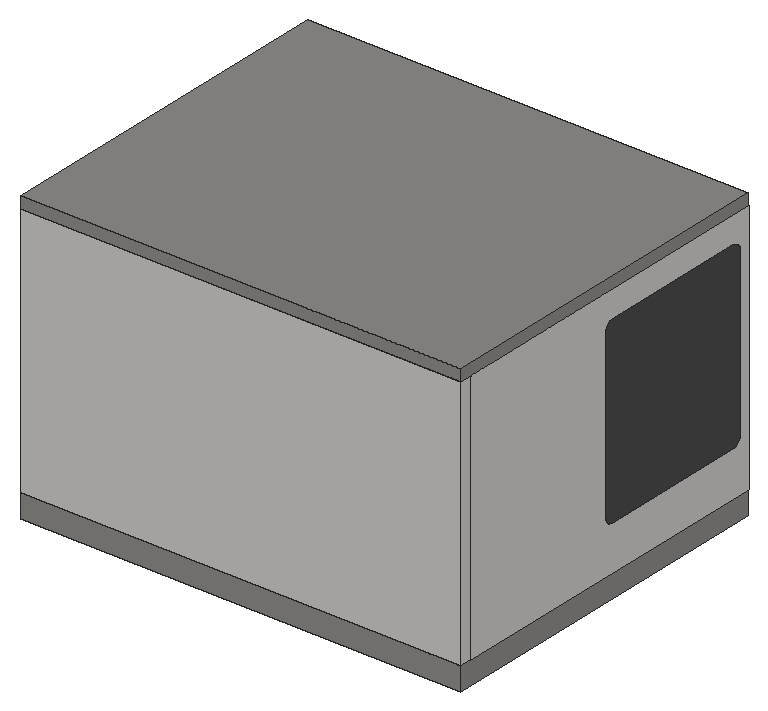
Revit family "QF_ZANUSSI_730295_IHD237M230SNP", category Attrezzature speciali, Revit 2018
Family settings
  Quota connettore circolare = Usa diametro
  Tipo di parte = Normale
  Basato su piano di lavoro = No
  Sempre verticale = Sì
  Taglio con vuoti quando caricato = No
  Condiviso = No
  Punto di calcolo locali = No
Parameters (values of type "Standard")
  Weight = 85.00 kg
  Watts = 1600 W
  Volts = 220 V
  URL Manufacturer = "http://www.zanussiprofessional.com"
  URL = "http://www.zanussiprofessional.com"
  Steam Supply Size = 0 mm
  Steam Supply Minimum Pressure = 0.0 Pa
  Steam Supply Maximum Pressure = 0.0 Pa
  Steam Pounds per Hour = 0
  Show Logo [instance] = yes
  Show Clearance [instance] = yes
  Refrigeration Suction Line Size = 0 mm
  Refrigeration Liquid Line Size = 0 mm
  Refrigerant Compressor Remote = yes
  Produttore = "Zanussi"
  Phase = 1
  Modello = "IHD237M230SNP"
  Length Actual = 762 mm  # constant formula
  Item Number = "730295"
  Hot Water Size = 0 mm
  Height Actual = 1676 mm  # constant formula
  HP = "2.1 HP"
  Gas Size = 0 mm
  Gas KW = 0
  Gas Input Pressure = 0 W
  Descrizione = "AIR COOLED HALF DICE ICE 237KG/24H-BIN 230KG MODULAR"
  Depth Actual = 819 mm  # constant formula
  Cycle = 50 Hz
  Condensate Return Size = 0 mm
  Compressed Air Volume = 0.0 L/s
  Compressed Air Size = 0 mm
  Compressed Air Pressure = 0.0 Pa
  Cold Water Size = 19.05 mm
  Accessory = yes
Reference planes
  plane 1 "Center X": y = 237.851
  plane 2: z = 0
  plane 3 "Center Y": x = -378
  plane 4 "LEFT": x = -759
  plane 5 "BACK": y = 547.851
  plane 6 "RIGHT": x = 3
  plane 7 "FRONT": y = -72.149
  plane 8 "TOP": z = 500
  plane 9: x = -739
  plane 10: x = -17
  plane 11: z = 40
  plane 12: z = 480
  plane 13: z = 400
  plane 14: y = -52.149
Forms (mm)
  Extrusion 1, solid, material "QF_Finishes_Stainless Steel"
    sketch origin (0, 0, 0) x (1, 0, 0) y (0, 1, 0)
      loop
        line (-759, 547.851) -> (-759, -52.149) -> (-739, -52.149) -> (-739, 547.851) -> (-759, 547.851)
      loop
        line (-17, 547.851) -> (-17, -52.149) -> (3, -52.149) -> (3, 547.851) -> (-17, 547.851)
    from 40 to 480
  Extrusion 2, solid, material "QF_Finishes_Stainless Steel_Darkgray"
    sketch origin (0, 0, 0) x (1, 0, 0) y (0, 1, 0)
      loop
        line (-759, 547.851) -> (-759, -72.149) -> (3, -72.149) -> (3, 547.851) -> (-759, 547.851)
    from 480 to 500
  Extrusion 3, solid, material "QF_Finishes_Stainless Steel_Darkgray"
    sketch origin (0, 0, 0) x (1, 0, 0) y (0, 1, 0)
      loop
        line (-759, 547.851) -> (-759, -72.149) -> (3, -72.149) -> (3, 547.851) -> (-759, 547.851)
    from 0 to 40
  Extrusion 4, solid, material "QF_Finishes_Black"
    sketch origin (-759, 55.351, 75) x (0, 1, 0) y (0, 0, -1)
      loop
        arc (457.5, -360) -> (468.107, -355.607) -> (472.5, -345) r 15
        line (472.5, -345) -> (472.5, -59.749)
        arc (472.5, -59.749) -> (468.107, -49.142) -> (457.5, -44.749) r 15
        line (457.5, -44.749) -> (197.55, -44.749)
        arc (197.55, -44.749) -> (186.944, -49.142) -> (182.55, -59.749) r 15
        line (182.55, -59.749) -> (182.55, -345)
        arc (182.55, -345) -> (186.944, -355.607) -> (197.55, -360) r 15
        line (197.55, -360) -> (457.5, -360)
    from 0 to 2
  Extrusion 5, solid, material "QF_Finishes_Stainless Steel"
    sketch origin (-1061.619, 547.851, 823.153) x (0, 0, -1) y (-1, 0, 0)
      loop
        circle (417.153, -337.619) r 10
    from 0 to 10
  Extrusion 6, solid, material "QF_Finishes_Stainless Steel"
    sketch origin (-375.619, 547.851, 492.153) x (0, 0, -1) y (-1, 0, 0)
      loop
        circle (417.153, -337.619) r 10
    from 0 to 10
  Extrusion 7, solid, material "QF_Finishes_Stainless Steel"
    sketch origin (-1061.619, 547.851, 467.153) x (0, 0, -1) y (-1, 0, 0)
      loop
        circle (417.153, -337.619) r 10
    from 0 to 10
  Extrusion 8, solid, material "QF_Finishes_Stainless Steel"
    sketch origin (0, 0, 0) x (1, 0, 0) y (0, 1, 0)
      loop
        line (-739, 547.851) -> (-739, -52.149) -> (-17, -52.149) -> (-17, 547.851) -> (-739, 547.851)
    from 40 to 480
  Extrusion 9, solid, material "QF_Finishes_Stainless Steel"
    sketch origin (0, 0, 0) x (1, 0, 0) y (0, 1, 0)
      loop
        line (-759, -52.149) -> (-759, -72.149) -> (3, -72.149) -> (3, -52.149) -> (-759, -52.149)
    from 40 to 480
  Extrusion 10, solid, material "QF_Finishes_Black"
    sketch origin (3, 55.351, 75) x (0, 1, 0) y (0, 0, 1)
      loop
        line (457.5, 360) -> (197.55, 360)
        arc (197.55, 360) -> (186.944, 355.607) -> (182.55, 345) r 15
        line (182.55, 345) -> (182.55, 59.749)
        arc (182.55, 59.749) -> (186.944, 49.142) -> (197.55, 44.749) r 15
        line (197.55, 44.749) -> (457.5, 44.749)
        arc (457.5, 44.749) -> (468.107, 49.142) -> (472.5, 59.749) r 15
        line (472.5, 59.749) -> (472.5, 345)
        arc (472.5, 345) -> (468.107, 355.607) -> (457.5, 360) r 15
    from 0 to 2
  Extrusion 11, solid, material "QF_Finishes_Stainless Steel"
    sketch origin (-1061.619, 547.851, 723.153) x (0, 0, -1) y (-1, 0, 0)
      loop
        circle (417.153, -337.619) r 10
    from 0 to 10
  Extrusion 12, solid, material "QF_Finishes_Stainless Steel"
    sketch origin (-1061.619, 547.851, 595.153) x (0, 0, -1) y (-1, 0, 0)
      loop
        circle (417.153, -337.619) r 10
    from 0 to 10
Lines and regions (mm)
  symbolic lines
    curve 1: line (-759, 547.851, 0) -> (3, 547.851, 0)
    curve 2: line (-759, -72.149, 0) -> (-759, 547.851, 0)
    curve 3: line (3, -72.149, 0) -> (-759, -72.149, 0)
    curve 4: line (3, 547.851, 0) -> (3, -72.149, 0)
Dimensions and locks
  equal spacing: plane 4 "LEFT", plane 3 "Center Y", plane 6 "RIGHT"
  plane 4 "LEFT" to plane 6 "RIGHT" = 762 mm
  plane 5 "BACK" to plane 7 "FRONT" = 620 mm
  equal spacing: plane 5 "BACK", plane 1 "Center X", plane 7 "FRONT"
  plane 8 "TOP" to plane 2 = 500 mm
  locked: plane 4 "LEFT" to plane 9 at 20
  locked: plane 10 to plane 6 "RIGHT" at 20
  plane 11 to plane 2 = 40 mm
  locked: plane 8 "TOP" to plane 12 at 20
  locked: plane 12 to plane 13 at 80
  plane 14 to plane 7 "FRONT" = 20 mm
  aligned and locked: level to plane 2
  aligned and locked: Extrusion 1 sketch curve to plane 5 "BACK"  (x2)
  aligned and locked: plane 4 "LEFT" to Extrusion 1 sketch curve
  aligned and locked: Extrusion 1 sketch curve to plane 9
  aligned and locked: plane 10 to Extrusion 1 sketch curve
  aligned and locked: Extrusion 1 sketch curve to plane 6 "RIGHT"
  aligned and locked: plane 12 to Extrusion 1
  aligned and locked: plane 8 "TOP" to Extrusion 2
  aligned and locked: Extrusion 2 to Extrusion 1
  aligned and locked: plane 11 to Extrusion 3
  aligned and locked: Extrusion 8 sketch curve to Extrusion 3
  aligned and locked: plane 14 to Extrusion 8 sketch curve
  aligned and locked: Extrusion 8 sketch curve to plane 10
  aligned and locked: Extrusion 1 to Extrusion 8
  aligned and locked: Extrusion 8 to plane 11
  aligned and locked: plane 14 to Extrusion 1 sketch curve  (x2)
  aligned and locked: Extrusion 9 sketch curve to Extrusion 1  (x2)
  aligned and locked: Extrusion 9 sketch curve to Extrusion 2  (x2)
  aligned and locked: Extrusion 9 to Extrusion 1
  aligned and locked: Extrusion 9 to plane 11
  aligned and locked: plane 4 "LEFT" to Extrusion 3 sketch curve
  aligned and locked: Extrusion 3 sketch curve to plane 6 "RIGHT"
  aligned and locked: Extrusion 1 to plane 11
Automatic sketch dimensions
  curve 3 to plane 4 "LEFT" = 0 mm
  curve 3 to plane 6 "RIGHT" = 0 mm
  curve 3 to plane 7 "FRONT" = 0 mm
  curve 2 to plane 5 "BACK" = 0 mm
  Extrusion 2 sketch curve to plane 4 "LEFT" = 0 mm
  Extrusion 2 sketch curve to plane 6 "RIGHT" = 0 mm
  Extrusion 2 sketch curve to plane 7 "FRONT" = 0 mm
  Extrusion 2 sketch curve to plane 5 "BACK" = 0 mm
  Extrusion 3 sketch curve to plane 7 "FRONT" = 0 mm
  Extrusion 3 sketch curve to plane 5 "BACK" = 0 mm
  Extrusion 4 sketch curve to plane 1 "Center X" = 0.05 mm
  Extrusion 4 sketch curve to plane 1 "Center X" = 15.05 mm  (x2)
  Extrusion 4 sketch curve to plane 5 "BACK" = 35 mm  (x2)
  plane 13 to Extrusion 4 sketch curve = 20 mm
  Extrusion 4 sketch curve to Extrusion 4 sketch curve = 15 mm
  plane 11 to Extrusion 4 sketch curve = 94.749 mm
  plane 13 to Extrusion 5 sketch curve = 6 mm
  plane 9 to Extrusion 5 sketch curve = 15 mm
  plane 11 to Extrusion 6 sketch curve = 35 mm
  Extrusion 6 sketch curve to plane 10 = 21 mm
  plane 11 to Extrusion 7 sketch curve = 10 mm
  plane 9 to Extrusion 7 sketch curve = 15 mm
  Extrusion 8 sketch curve to plane 9 = 0 mm
  Extrusion 10 sketch curve to plane 1 "Center X" = 0.05 mm
  Extrusion 10 sketch curve to plane 1 "Center X" = 15.05 mm  (x2)
  Extrusion 10 sketch curve to plane 5 "BACK" = 35 mm  (x2)
  plane 13 to Extrusion 10 sketch curve = 20 mm
  Extrusion 10 sketch curve to Extrusion 10 sketch curve = 15 mm
  plane 11 to Extrusion 10 sketch curve = 94.749 mm
  plane 9 to Extrusion 11 sketch curve = 15 mm
  Extrusion 11 sketch curve to plane 13 = 94 mm
  plane 9 to Extrusion 12 sketch curve = 15 mm
  plane 11 to Extrusion 12 sketch curve = 138 mm
  radius of Extrusion 5 sketch curve = 10 mm
  radius of Extrusion 6 sketch curve = 10 mm
  radius of Extrusion 7 sketch curve = 10 mm
  radius of Extrusion 11 sketch curve = 10 mm
  radius of Extrusion 12 sketch curve = 10 mm
Connectors
  electrical at (-38, 557.851, 75), driven by "Volts"
    settings: on Extrusion 6, index 1, voltage 220 V, apparent load 0 VA, apparent load phase1 0 VA, apparent load phase2 0 VA, apparent load phase3 0 VA, power factor 1, load classification "Altro", number of poles 1, system type 30, power factor state 1, is connector primary yes, connector utility no, sub classification motor no, connector description "Electrical Connection"
  piping at (-724, 557.851, 406), diameter 20
    settings: on Extrusion 5, index 2, connector inside diameter 609.6 mm, connector length 0 mm, flow factor 0, pipe flow 0.0 L/s, pressure drop 0.0 Pa, fitting loss kfactor 0, connector angle 0.00°, fixture units 0, engagement length 0 mm, angle of deflection 0.00°, flow configuration 0, flow direction 0, fitting loss method 0, system type 20, joint type 0, gender type 0, connector reference index -1, connector utility 0, adjustable connector no, is connector primary yes, connector description "Cold water"
  piping at (-724, 557.851, 50), diameter 20
    settings: on Extrusion 7, index 3, connector inside diameter 609.6 mm, connector length 0 mm, flow factor 0, pipe flow 0.0 L/s, pressure drop 0.0 Pa, fitting loss kfactor 0, connector angle 0.00°, fixture units 0, engagement length 0 mm, angle of deflection 0.00°, flow configuration 0, flow direction 0, fitting loss method 0, system type 16, joint type 0, gender type 0, connector reference index -1, connector utility 0, adjustable connector no, is connector primary no, connector description "Drain"
  piping at (-724, 557.851, 306), diameter 20
    settings: on Extrusion 11, index 4, connector inside diameter 609.6 mm, connector length 0 mm, flow factor 0, pipe flow 0.0 L/s, pressure drop 0.0 Pa, fitting loss kfactor 0, connector angle 0.00°, fixture units 0, engagement length 0 mm, angle of deflection 0.00°, flow configuration 0, flow direction 0, fitting loss method 0, system type 20, joint type 0, gender type 0, connector reference index -1, connector utility 0, adjustable connector no, is connector primary no, connector description "Cold water"
  piping at (-724, 557.851, 178), diameter 20
    settings: on Extrusion 12, index 5, connector inside diameter 609.6 mm, connector length 0 mm, flow factor 0, pipe flow 0.0 L/s, pressure drop 0.0 Pa, fitting loss kfactor 0, connector angle 0.00°, fixture units 0, engagement length 0 mm, angle of deflection 0.00°, flow configuration 0, flow direction 0, fitting loss method 0, system type 16, joint type 0, gender type 0, connector reference index -1, connector utility 0, adjustable connector no, is connector primary no, connector description "Drain"
